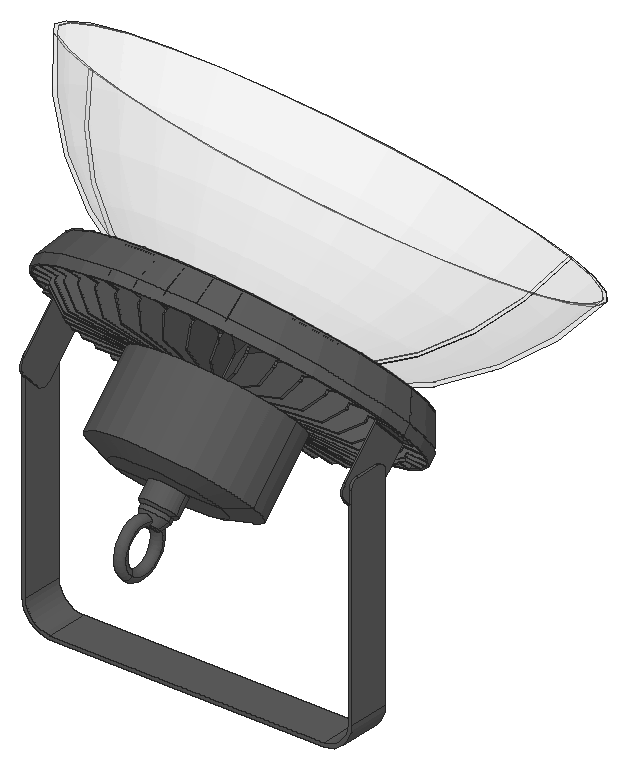
Revit family "0039345+0039354+0039358 Feilo Sylvania Lighting Fixture START HIGHBAY 4K 19KLM MEDIUM with BRACKET and PC LAMPSHADE TRANSPARENT", category Lighting Fixtures, host Face, Revit 2017
Family settings
  Host = Face
  Round Connector Dimension = Use Diameter
  Part Type = Normal
  OmniClass Number = 23.80.70.00
  OmniClass Title = Lighting
  Cut with Voids When Loaded = No
  Light Source = No
  Shared = No
  Room Calculation Point = No
Parameters (values of type "0039345+0039354+0039358 START HIGHBAY 4K 19KLM MEDIUM with BRACKET and PC LAMPSHADE TRANSPARENT ")
  Weight = "3.4 kg"
  Wattage Comments = ""
  WarrantyStartDate [instance] = "n/a"
  WarrantyGuarantorParts = "n/a"
  WarrantyDurationUnit = "n/a"
  WarrantyDurationParts = "n/a"
  WarrantyDescription = "n/a"
  Voltage = 230 V
  URL = "http://www.sylvania-lighting.com"
  TypeName = "START HIGHBAY 4K 19KLM MEDIUM with BRACKET and PC LAMPSHADE TRANSPARENT"
  TypeHead_FEILO = Start LED Highbay Head : 0039345+0039354+0039358 START HIGHBAY 4K 19KLM MEDIUM with BRACKET and PC LAMPSHADE TRANSPARENT 
  Type Image = <None>
  Type Comments = "n/a"
  TiltAngle_FEILO [instance] = 45.00°
  ThicknessBracketPlate_FEILO = 3 mm
  SizeBracketS_FEILO = no
  SizeBracketM_FEILO = yes
  SerialNumber [instance] = "n/a"
  RadiusBracketTop_FEILO = 7 mm
  RadiusBendOut_FEILO = if(SizeBracketS_FEILO, 18 mm, if(SizeBracketM_FEILO, 24 mm, 28 mm))  # 24 mm
  RadiusBendIn_FEILO = RadiusBendOut_FEILO - ThicknessBracketPlate_FEILO  # 21 mm
  Material_3_FEILO = none
  PowerFactor = 0.95
  PowerConsumption = "150 W"
  NominalLength = 296 mm
  NominalHeight = 177 mm
  NominalDepth = 296 mm
  Name = "START HIGHBAY 4K 19KLM MEDIUM with BRACKET and PC LAMPSHADE TRANSPARENT"
  ModelReference = Name  # "START HIGHBAY 4K 19KLM MEDIUM with BRACKET and PC LAMPSHADE TRANSPARENT"
  ModelNumber = "0039345+0039354+0039358"
  Model = Name  # "START HIGHBAY 4K 19KLM MEDIUM with BRACKET and PC LAMPSHADE TRANSPARENT"
  Material = "aluminium alloy housing, polycarbonate diffuser"
  ManufacturerName = "Feilo Sylvania"
  Manufacturer = "Feilo Sylvania"
  LuminousEfficacy = "130 lm/W"
  LuminaireType = ""
  LightOutputRatio = "n/a"
  LampsType = Lamp  # "LED"
  LampNominalLuminous = "19500 lm"
  LampMacAdamStep = "n/a"
  LampColourTemperature = "4000 K"
  LampColourRenderingIndex = "80"
  Lamp = "LED"
  Keynote = "16500"
  InstallationDate [instance] = "n/a"
  InputVoltage = "220-240V~"
  InputNominalFrequency = "50/60 Hz"
  IngressProtection = "IP65"
  ImpactProtectionIndex = "IK08"
  IfcExportType = "IfcLightFixtureType"
  IfcExportAs = "IfcLightFixtureType"
  ExpectedLife = 50000
  EndAngle_FEILO [instance] = TiltAngle_FEILO + 180.00°  # 225.00°
  ElectricShockClassification = "Class I"
  DurationUnit = "hours"
  DocumentationLiterature = "http://www.sylvania-lighting.com/product/en-int/products/0039345"
  DimmingControlOptions = "n/a"
  Material_2_FEILO = none
  Description = "START HIGHBAY, includes 1 m cables, black aluminium housing, 19500LM, 150W, 130lm/W, 4000K, Driver current: 3210mA, CR80, 60° beam angle, 1-10V dimmable,  IP65, IK08, 50,000 hrs (L70B50), (LxWxH) 296x296x177mm"
  Default Elevation = 1219.2 mm
  CreatedOn = "2/28/2018"
  CreatedBy = ""
  Cost = 0
  built-in parameter 1114216 [instance] = (empty or 0)
  ClassificationValue = "EF_70_80"
  ClassificationName = "Uniclass2015"
  Material_1_FEILO = Body-Sylvania-StartHighbay-Black
  BracketHeight_FEILO = if(SizeBracketS_FEILO, 199.5 mm, if(SizeBracketM_FEILO, 209.6 mm, 201.3 mm))  # 209.6 mm
  BracketDistanceInner_FEILO = if(SizeBracketS_FEILO, 249.4 mm, if(SizeBracketM_FEILO, 273.6 mm, 313.2 mm))  # 273.6 mm
  BarCode [instance] = "n/a"
  AssetType = "Fixed"
  AssetIdentifier [instance] = "n/a"
  Assembly Code = "D5020200"
  Apparent Load = 150 VA
  Material_4_FEILO = none
Reference planes
  plane 1 "Center (Front/Back)": y = 0
  plane 2: z = 0
  plane 3 "Center (Left/Right)": x = 0
  plane 4: x = -139.8
  plane 5: x = 139.8
  plane 6: z = 209.6
  plane 7: x = -136.8
  plane 8: z = 3
  plane 9: x = 136.8
  plane 10: y = 17.5
  plane 11: y = -17.5
  plane 12: y = -19.5
  plane 13: z = 211.6
  plane 14: y = 19.5
  plane 15: z = 200.6
Forms (mm)
  Extrusion 1, solid, material "Body-Sylvania-StartHighbay-Black" <- "Material_1_FEILO"
    sketch origin (0, 0, 0) x (1, 0, 0) y (0, 0, 1)
      loop
        line (-139.8, 209.6) -> (-139.8, 24)
        arc (-139.8, 24) -> (-132.771, 7.029) -> (-115.8, 0) r 24
        line (-115.8, 0) -> (115.8, 0)
        arc (115.8, 0) -> (132.771, 7.029) -> (139.8, 24) r 24
        line (139.8, 24) -> (139.8, 209.6) -> (136.8, 209.6) -> (136.8, 24)
        arc (136.8, 24) -> (130.649, 9.151) -> (115.8, 3) r 21
        line (115.8, 3) -> (-115.8, 3)
        arc (-115.8, 3) -> (-130.649, 9.151) -> (-136.8, 24) r 21
        line (-136.8, 24) -> (-136.8, 209.6) -> (-139.8, 209.6)
    from -17.5 to 17.5
  Extrusion 2, void
    sketch origin (0, 0, 0) x (0, 1, 0) y (0, 0, 1)
      loop
        arc (10.5, 209.6) -> (15.45, 207.55) -> (17.5, 202.6) r 7
        line (17.5, 202.6) -> (19.5, 202.6) -> (19.5, 211.6) -> (-19.5, 211.6) -> (-19.5, 202.6) -> (-17.5, 202.6)
        arc (-17.5, 202.6) -> (-15.45, 207.55) -> (-10.5, 209.6) r 7
        line (-10.5, 209.6) -> (10.5, 209.6)
    from -139.8 to 139.8
  Revolve 3, solid, not visible
    sketch origin (1223.4, -4572, 200.6) x (0, -1, 0) y (1, 0, 0)
      loop
        line (-4572, -1223.4) -> (-4591.5, -1223.4) -> (-4591.5, -1277.783) -> (-4572, -1277.783) -> (-4572, -1223.4)
      axis (-4572, -1223.4) -> (-4572, -1277.783)
    angle from 45 <- "TiltAngle_FEILO" to 225 <- "EndAngle_FEILO"
Cuts and joins
  Extrusion 2 cuts Extrusion 1
Dimensions and locks
  "BracketHeight_FEILO": plane 6 to plane 2
  equal spacing: plane 11, plane 1 "Center (Front/Back)", plane 10
  locked: plane 11 to plane 10 at 35
  equal spacing: plane 9, plane 3 "Center (Left/Right)", plane 7
  "BracketDistanceInner_FEILO": plane 9 to plane 7
  "ThicknessBracketPlate_FEILO": plane 7 to plane 4
  "ThicknessBracketPlate_FEILO": plane 8 to plane 2
  equal spacing: plane 5, plane 3 "Center (Left/Right)", plane 4
  equal spacing: plane 12, plane 1 "Center (Front/Back)", plane 14
  locked: plane 6 to plane 13 at 2
  locked: plane 12 to plane 11 at 2
  locked: plane 6 to plane 15 at 9
  "RadiusBendOut_FEILO": radius of Extrusion 1 sketch curve  (x2)
  "RadiusBendIn_FEILO": radius of Extrusion 1 sketch curve  (x2)
  "RadiusBracketTop_FEILO": radius of Extrusion 2 sketch curve  (x2)
  aligned and locked: plane 2 to host face
  aligned and locked: level to host face
  aligned and locked: Extrusion 1 sketch curve to plane 4
  aligned and locked: Extrusion 1 sketch curve to level
  aligned and locked: plane 6 to Extrusion 1 sketch curve
  aligned and locked: Extrusion 1 sketch curve to plane 6
  aligned and locked: Extrusion 1 sketch curve to plane 7
  aligned and locked: plane 9 to Extrusion 1 sketch curve
  aligned and locked: plane 8 to Extrusion 1 sketch curve
  aligned and locked: Extrusion 1 to plane 10
  aligned and locked: plane 11 to Extrusion 1
  aligned and locked: Extrusion 1 to Extrusion 2 sketch curve
  aligned and locked: plane 14 to Extrusion 2 sketch curve  (x2)
  aligned and locked: Extrusion 2 sketch curve to plane 12
  aligned and locked: plane 13 to Extrusion 2 sketch curve
  aligned and locked: plane 5 to Extrusion 2
  aligned and locked: Extrusion 2 to plane 4
  aligned and locked: Revolve 3 sketch curve to plane 1 "Center (Front/Back)"
  aligned and locked: Revolve 3 sketch curve to Revolve 3 sketch curve
  aligned and locked: plane 3 "Center (Left/Right)" to Revolve 3 sketch curve
  aligned and locked: Revolve 3 sketch curve to plane 14
  aligned and locked: nested 1 to plane 3 "Center (Left/Right)"
Automatic sketch dimensions
  host sketch curve to host sketch curve = 2438.4 mm  (x2)
  Revolve 3 sketch curve to Revolve 3 sketch curve = 54.383 mm
  Revolve 3 sketch curve to plane 4 = 1396.3 mm
  plane 5 to Revolve 3 sketch curve = 1396.3 mm
  Extrusion 1 sketch curve to Extrusion 1 sketch curve = 0 mm
  Extrusion 2 sketch curve to plane 11 = 0 mm
  Extrusion 2 sketch curve to plane 10 = 0 mm
Nested families
  nested 1: "Start LED Highbay Head" at (0, 0, 200.6) x (-1, 0, 0) z (0, 0.7071, 0.7071), type <- "TypeHead_FEILO", type "0039345+0039354+0039358 START HIGHBAY 4K 19KLM MEDIUM with BRACKET and PC LAMPSHADE TRANSPARENT "
    with built-in parameter 1114216 (empty or 0)
Connectors
  electrical at (0, 0, 0), driven by "Apparent Load", driven by "PowerFactor", driven by "Voltage"
    settings: index 1, voltage 230 V, apparent load 150 VA, apparent load phase1 0 VA, apparent load phase2 0 VA, apparent load phase3 0 VA, power factor 0.95, load classification "Lighting", number of poles 1, system type 30, power factor state 1, is connector primary yes, connector utility no, sub classification motor no, connector description ""
Definition of nested family "Start LED Highbay Head"
  Parameters (values of type "0039351+0039354+0039358 START HIGHBAY 6K 19KLM WIDE with BRACKET and PC LAMPSHADE TRANSPARENT ")
    X_FEILO = if(SizeS_FEILO, 60.3 mm, if(SizeM_FEILO, 70.4 mm, 83.5 mm))  # 70.4 mm
    WidthStraight_FEILO = if(SizeS_FEILO, 3 mm, if(SizeM_FEILO, 4 mm, 4.7 mm))  # 4 mm
    WidthRingChamfer_FEILO = if(SizeS_FEILO, 10.3 mm, if(SizeM_FEILO, 11.2 mm, 12.9 mm))  # 11.2 mm
    WidthCurved_FEILO = if(SizeS_FEILO, 17.4 mm, if(SizeM_FEILO, 16.4 mm, 26.2 mm))  # 16.4 mm
    WidthCurvedRing_FEILO = if(SizeS_FEILO, 3 mm, if(SizeM_FEILO, 4 mm, 4.7 mm))  # 4 mm
    WidthBracket_FEILO = 40 mm
    Wattage Comments = ""
    Wattage = 150 W
    built-in parameter 1150110 = 1 (stored number, unit not read)
    URL = "http://www.feilosylvania.com"
    Type Image = (empty or 0)
    Type Comments = "n/a"
    built-in parameter 1114217 = 1 (stored number, unit not read)
    Tilt Angle = -90.00°
    ThicknessWall_FEILO = 1.5 mm
    ThicknessBracket_FEILO = 1.5 mm
    ThicknessBracketHalf_FEILO = ThicknessBracket_FEILO / 2  # 0.75 mm
    built-in parameter 1150109 = 1 (stored number, unit not read)
    built-in parameter 1150134 = 1
    built-in parameter 1150113 = 1 (stored number, unit not read)
    SizeS_FEILO = no
    SizeM_FEILO = yes
    ShadeThickness_FEILO = 3 mm
    ShadeSizeSM_FEILO = or(SizeS_FEILO, SizeM_FEILO)  # yes
    ShadeRadiusOut_FEILO = 205 mm
    ShadeRadiusIn_FEILO = if(ShadeSizeSM_FEILO, 95 mm, 121 mm)  # 95 mm
    ShadeRadiusBend_FEILO = if(ShadeSizeSM_FEILO, 210 mm, 210 mm)  # 210 mm
    ShadeOn_FEILO = yes
    ShadeHeight_FEILO = if(ShadeSizeSM_FEILO, 120 mm, 151 mm)  # 120 mm
    Rib4_FEILO = if(SizeS_FEILO, 18.1 mm, if(SizeM_FEILO, 13.6 mm, 14.6 mm))  # 13.6 mm
    Rib3_FEILO = if(SizeS_FEILO, 15.3 mm, if(SizeM_FEILO, 17.6 mm, 20.2 mm))  # 17.6 mm
    Rib2_FEILO = if(SizeS_FEILO, 3.6 mm, if(SizeM_FEILO, 3.9 mm, 4.5 mm))  # 3.9 mm
    Rib1_FEILO = if(SizeS_FEILO, 15.1 mm, if(SizeM_FEILO, 16.5 mm, 19 mm))  # 16.5 mm
    RadiusDiffuser_FEILO = if(SizeS_FEILO, 95.2 mm, if(SizeM_FEILO, 105.3 mm, 120 mm))  # 105.3 mm
    RadiusArrayPost_FEILO = DriverRadius_FEILO - 6 mm  # 61.2 mm
    RHRadius3_FEILO = if(SizeS_FEILO, 6.6 mm, if(SizeM_FEILO, 7.4 mm, 8.6 mm))  # 7.4 mm
    RHRadius2_FEILO = if(SizeS_FEILO, 11 mm, if(SizeM_FEILO, 12 mm, 14 mm))  # 12 mm
    RHRadius1_FEILO = if(SizeS_FEILO, 13.6 mm, if(SizeM_FEILO, 14.9 mm, 17.7 mm))  # 14.9 mm
    RHHeight4_FEILO = if(SizeS_FEILO, 7.3 mm, if(SizeM_FEILO, 8 mm, 9.2 mm))  # 8 mm
    RHHeight3_FEILO = if(SizeS_FEILO, 3.6 mm, if(SizeM_FEILO, 3.7 mm, 4.6 mm))  # 3.7 mm
    RHHeight2_FEILO = if(SizeS_FEILO, 2 mm, if(SizeM_FEILO, 2.2 mm, 2.6 mm))  # 2.2 mm
    RHHeight1_FEILO = if(SizeS_FEILO, 11.8 mm, if(SizeM_FEILO, 15.3 mm, 17.4 mm))  # 15.3 mm
    Photometric Web File = "0039351+0039358.ies"
    Material_5_FEILO = none
    Material_3_FEILO = none
    Model = "START HIGHBAY 6K 19KLM WIDE with BRACKET and PC LAMPSHADE TRANSPARENT"
    Manufacturer = "Feilo Sylvania"
    built-in parameter 1150105 = 10854.2 (stored number, unit not read)
    Lumens = 19500 lm
    built-in parameter 1150115 = 1 (stored number, unit not read)
    built-in parameter 1150137 = (empty or 0)
    built-in parameter 1150139 = (empty or 0)
    built-in parameter 1150112 = 1 (stored number, unit not read)
    built-in parameter 1150114 = 1 (stored number, unit not read)
    Lamp = "LED"
    Keynote = "16500"
    built-in parameter 1150132 = (empty or 0)
    built-in parameter 1150102 = (empty or 0)
    built-in parameter 1150107 = 6500 (stored number, unit not read)
    built-in parameter 1150138 = (empty or 0)
    built-in parameter 1150106 = 108.54 (stored number, unit not read)
    HeightRing_FEILO = if(SizeS_FEILO, 19.8 mm, if(SizeM_FEILO, 32 mm, 36.8 mm))  # 32 mm
    HeightRingChamfer_FEILO = if(SizeS_FEILO, 11.7 mm, if(SizeM_FEILO, 23.2 mm, 26.6 mm))  # 23.2 mm
    EyeThickness_FEILO = if(SizeS_FEILO, 8.4 mm, if(SizeM_FEILO, 9.2 mm, 10.5 mm))  # 9.2 mm
    EyeThicknessHalf_FEILO = EyeThickness_FEILO / 2  # 4.6 mm
    EyeInner_FEILO = if(SizeS_FEILO, 13.8 mm, if(SizeM_FEILO, 15.1 mm, 17.3 mm))  # 15.1 mm
    Emit from Circle Diameter = RadiusDiffuser_FEILO * 2  # 210.6 mm
    Emit Shape Visible in Rendering = no
    built-in parameter 1150104 = 12.077 (stored number, unit not read)
    DriverVerticalStraight_FEILO = if(SizeS_FEILO, 46.5 mm, if(SizeM_FEILO, 49.7 mm, 57 mm))  # 49.7 mm
    DriverVerticalChamfer_FEILO = if(SizeS_FEILO, 7.5 mm, if(SizeM_FEILO, 8.2 mm, 9.5 mm))  # 8.2 mm
    DriverRadius_FEILO = if(SizeS_FEILO, 61.4 mm, if(SizeM_FEILO, 67.2 mm, 76.4 mm))  # 67.2 mm
    DriverRadiusTop_FEILO = if(SizeS_FEILO, 42 mm, if(SizeM_FEILO, 45.3 mm, 52.4 mm))  # 45.3 mm
    DriverBottom_FEILO = if(SizeS_FEILO, 56 mm, if(SizeM_FEILO, 64.5 mm, 74 mm))  # 64.5 mm
    Material_2_FEILO = none
    Radius_FEILO = if(SizeS_FEILO, 135 mm, if(SizeM_FEILO, 148 mm, 169.5 mm))  # 148 mm
    Dimming Lamp Color Temperature Shift = (empty or 0)
    DiameterWire_FEILO = 3 mm
    DiameterWireSupport_FEILO = 10 mm
    Description = "START HIGHBAY, includes 1 m cables, black aluminium housing, 19500LM, 150W, 130lm/W, 6500K, Driver current: 2140mA, CR80, 60° beam angle, 1-10V dimmable,  IP65, IK08, 50,000 hrs (L70B50), (LxWxH) 296x296x177mm"
    Default Elevation = 1219.2 mm
    Cost = 0
    Color Filter = 16777215
    built-in parameter 1114216 [instance] = (empty or 0)
    Material_1_FEILO = none
    built-in parameter 1114218 = 1 (stored number, unit not read)
    built-in parameter 1150133 = 10 (stored number, unit not read)
    Assembly Code = "D5020200"
    Apparent Load = 150 VA
    Material_4_FEILO = none
  Types (36, lengths in mm): name | X_FEILO | WidthStraight_FEILO | WidthRingChamfer_FEILO | WidthCurved_FEILO | WidthCurvedRing_FEILO | Wattage | built-in parameter 1150134 | SizeS_FEILO | SizeM_FEILO | ShadeSizeSM_FEILO | ShadeRadiusIn_FEILO | ShadeOn_FEILO | ShadeHeight_FEILO | Rib4_FEILO | Rib3_FEILO | Rib2_FEILO | Rib1_FEILO | RadiusDiffuser_FEILO | RadiusArrayPost_FEILO | RHRadius3_FEILO | RHRadius2_FEILO | RHRadius1_FEILO | RHHeight4_FEILO | RHHeight3_FEILO | RHHeight2_FEILO | RHHeight1_FEILO | Photometric Web File | Model | built-in parameter 1150105 | Lumens | built-in parameter 1150107 | built-in parameter 1150106 | HeightRing_FEILO | HeightRingChamfer_FEILO | EyeThickness_FEILO | EyeThicknessHalf_FEILO | EyeInner_FEILO | Emit from Circle Diameter | DriverVerticalStraight_FEILO | DriverVerticalChamfer_FEILO | DriverRadius_FEILO | DriverRadiusTop_FEILO | DriverBottom_FEILO | Radius_FEILO | Description | Apparent Load
    0039352+0039355+0039361 START HIGHBAY 6K 26KLM WIDE with BRACKET and PC LAMPSHADE TRANSPARENT | 83.5 | 4.7 | 12.9 | 26.2 | 4.7 | 200 W | 1 | no | no | no | 121 | yes | 151 | 14.6 | 20.2 | 4.5 | 19 | 120 | 70.4 | 8.6 | 14 | 17.7 | 9.2 | 4.6 | 2.6 | 17.4 | "0039352+0039361.ies" | "START HIGHBAY 6K 26KLM WIDE with BRACKET and PC LAMPSHADE TRANSPARENT" | 17911 (stored number, unit not read) | 26000 lm | 6500 (stored number, unit not read) | 179.11 (stored number, unit not read) | 36.8 | 26.6 | 10.5 | 5.25 | 17.3 | 240 | 57 | 9.5 | 76.4 | 52.4 | 74 | 169.5 | "START HIGHBAY, includes 1 m cables, black aluminium housing, 26000LM, 200W, 130lm/W, 6500K, Driver current: 5000mA, CR80, 60° beam angle, 1-10V dimmable,  IP65, IK08, 50,000 hrs (L70B50), (LxWxH) 339x339x194mm" | 200 VA
    0039352+0039355+0039360 START HIGHBAY 6K 26KLM WIDE with BRACKET and ALU SHADE BLACK COLOR | 83.5 | 4.7 | 12.9 | 26.2 | 4.7 | 200 W | 1 | no | no | no | 121 | yes | 151 | 14.6 | 20.2 | 4.5 | 19 | 120 | 70.4 | 8.6 | 14 | 17.7 | 9.2 | 4.6 | 2.6 | 17.4 | "0039352+0039360.ies" | "START HIGHBAY 6K 26KLM WIDE with BRACKET and ALU SHADE BLACK COLOR" | 14870 (stored number, unit not read) | 26000 lm | 6500 (stored number, unit not read) | 148.7 (stored number, unit not read) | 36.8 | 26.6 | 10.5 | 5.25 | 17.3 | 240 | 57 | 9.5 | 76.4 | 52.4 | 74 | 169.5 | "START HIGHBAY, includes 1 m cables, black aluminium housing, 26000LM, 200W, 130lm/W, 6500K, Driver current: 5000mA, CR80, 60° beam angle, 1-10V dimmable,  IP65, IK08, 50,000 hrs (L70B50), (LxWxH) 339x339x194mm" | 200 VA
    0039352+0039355+0039359 START HIGHBAY 6K 26KLM WIDE with BRACKET and ALU SHADE ALU COLOR | 83.5 | 4.7 | 12.9 | 26.2 | 4.7 | 200 W | 1 | no | no | no | 121 | yes | 151 | 14.6 | 20.2 | 4.5 | 19 | 120 | 70.4 | 8.6 | 14 | 17.7 | 9.2 | 4.6 | 2.6 | 17.4 | "0039352+0039359.ies" | "START HIGHBAY 6K 26KLM WIDE with BRACKET and ALU SHADE ALU COLOR" | 14870 (stored number, unit not read) | 26000 lm | 6500 (stored number, unit not read) | 148.7 (stored number, unit not read) | 36.8 | 26.6 | 10.5 | 5.25 | 17.3 | 240 | 57 | 9.5 | 76.4 | 52.4 | 74 | 169.5 | "START HIGHBAY, includes 1 m cables, black aluminium housing, 26000LM, 200W, 130lm/W, 6500K, Driver current: 5000mA, CR80, 60° beam angle, 1-10V dimmable,  IP65, IK08, 50,000 hrs (L70B50), (LxWxH) 339x339x194mm" | 200 VA
    0039352+0039355 START HIGHBAY 6K 26KLM WIDE with BRACKET | 83.5 | 4.7 | 12.9 | 26.2 | 4.7 | 200 W | 1 | no | no | no | 121 | no | 151 | 14.6 | 20.2 | 4.5 | 19 | 120 | 70.4 | 8.6 | 14 | 17.7 | 9.2 | 4.6 | 2.6 | 17.4 | "0039352.ies" | "START HIGHBAY 6K 26KLM WIDE with BRACKET" | 13836.2 (stored number, unit not read) | 26000 lm | 6500 (stored number, unit not read) | 138.36 (stored number, unit not read) | 36.8 | 26.6 | 10.5 | 5.25 | 17.3 | 240 | 57 | 9.5 | 76.4 | 52.4 | 74 | 169.5 | "START HIGHBAY, includes 1 m cables, black aluminium housing, 26000LM, 200W, 130lm/W, 6500K, Driver current: 5000mA, CR80, 60° beam angle, 1-10V dimmable,  IP65, IK08, 50,000 hrs (L70B50), (LxWxH) 339x339x194mm" | 200 VA
    0039351+0039354+0039358 START HIGHBAY 6K 19KLM WIDE with BRACKET and PC LAMPSHADE TRANSPARENT | 70.4 | 4 | 11.2 | 16.4 | 4 | 150 W | 1 | no | yes | yes | 95 | yes | 120 | 13.6 | 17.6 | 3.9 | 16.5 | 105.3 | 61.2 | 7.4 | 12 | 14.9 | 8 | 3.7 | 2.2 | 15.3 | "0039351+0039358.ies" | "START HIGHBAY 6K 19KLM WIDE with BRACKET and PC LAMPSHADE TRANSPARENT" | 10854.2 (stored number, unit not read) | 19500 lm | 6500 (stored number, unit not read) | 108.54 (stored number, unit not read) | 32 | 23.2 | 9.2 | 4.6 | 15.1 | 210.6 | 49.7 | 8.2 | 67.2 | 45.3 | 64.5 | 148 | "START HIGHBAY, includes 1 m cables, black aluminium housing, 19500LM, 150W, 130lm/W, 6500K, Driver current: 2140mA, CR80, 60° beam angle, 1-10V dimmable,  IP65, IK08, 50,000 hrs (L70B50), (LxWxH) 296x296x177mm" | 150 VA
    0039351+0039354+0039357 START HIGHBAY 6K 19KLM WIDE with BRACKET and ALU SHADE BLACK COLOR | 70.4 | 4 | 11.2 | 16.4 | 4 | 150 W | 1 | no | yes | yes | 95 | yes | 120 | 13.6 | 17.6 | 3.9 | 16.5 | 105.3 | 61.2 | 7.4 | 12 | 14.9 | 8 | 3.7 | 2.2 | 15.3 | "0039351+0039357.ies" | "START HIGHBAY 6K 19KLM WIDE with BRACKET and ALU SHADE BLACK COLOR" | 11152.5 (stored number, unit not read) | 19500 lm | 6500 (stored number, unit not read) | 111.52 (stored number, unit not read) | 32 | 23.2 | 9.2 | 4.6 | 15.1 | 210.6 | 49.7 | 8.2 | 67.2 | 45.3 | 64.5 | 148 | "START HIGHBAY, includes 1 m cables, black aluminium housing, 19500LM, 150W, 130lm/W, 6500K, Driver current: 2140mA, CR80, 60° beam angle, 1-10V dimmable,  IP65, IK08, 50,000 hrs (L70B50), (LxWxH) 296x296x177mm" | 150 VA
    0039351+0039354+0039356 START HIGHBAY 6K 19KLM WIDE with BRACKET and ALU SHADE ALU COLOR | 70.4 | 4 | 11.2 | 16.4 | 4 | 150 W | 1 | no | yes | yes | 95 | yes | 120 | 13.6 | 17.6 | 3.9 | 16.5 | 105.3 | 61.2 | 7.4 | 12 | 14.9 | 8 | 3.7 | 2.2 | 15.3 | "0039351+0039356.ies" | "START HIGHBAY 6K 19KLM WIDE with BRACKET and ALU SHADE ALU COLOR" | 11152.5 (stored number, unit not read) | 19500 lm | 6500 (stored number, unit not read) | 111.52 (stored number, unit not read) | 32 | 23.2 | 9.2 | 4.6 | 15.1 | 210.6 | 49.7 | 8.2 | 67.2 | 45.3 | 64.5 | 148 | "START HIGHBAY, includes 1 m cables, black aluminium housing, 19500LM, 150W, 130lm/W, 6500K, Driver current: 2140mA, CR80, 60° beam angle, 1-10V dimmable,  IP65, IK08, 50,000 hrs (L70B50), (LxWxH) 296x296x177mm" | 150 VA
    0039351+0039354 START HIGHBAY 6K 19KLM WIDE with BRACKET | 70.4 | 4 | 11.2 | 16.4 | 4 | 150 W | 1 | no | yes | yes | 95 | no | 120 | 13.6 | 17.6 | 3.9 | 16.5 | 105.3 | 61.2 | 7.4 | 12 | 14.9 | 8 | 3.7 | 2.2 | 15.3 | "0039351.ies" | "START HIGHBAY 6K 19KLM WIDE with BRACKET" | 10377.1 (stored number, unit not read) | 19500 lm | 6500 (stored number, unit not read) | 103.77 (stored number, unit not read) | 32 | 23.2 | 9.2 | 4.6 | 15.1 | 210.6 | 49.7 | 8.2 | 67.2 | 45.3 | 64.5 | 148 | "START HIGHBAY, includes 1 m cables, black aluminium housing, 19500LM, 150W, 130lm/W, 6500K, Driver current: 2140mA, CR80, 60° beam angle, 1-10V dimmable,  IP65, IK08, 50,000 hrs (L70B50), (LxWxH) 296x296x177mm" | 150 VA
    0039350+0039353+0039358 START HIGHBAY 6K 13KLM WIDE with BRACKET and PC LAMPSHADE TRANSPARENT | 60.3 | 3 | 10.3 | 17.4 | 3 | 100 W | 1 | yes | no | yes | 95 | yes | 120 | 18.1 | 15.3 | 3.6 | 15.1 | 95.2 | 55.4 | 6.6 | 11 | 13.6 | 7.3 | 3.6 | 2 | 11.8 | "0039350+0039358.ies" | "START HIGHBAY 6K 13KLM WIDE with BRACKET and PC LAMPSHADE TRANSPARENT" | 7236.1 (stored number, unit not read) | 13000 lm | 6500 (stored number, unit not read) | 72.361 (stored number, unit not read) | 19.8 | 11.7 | 8.4 | 4.2 | 13.8 | 190.4 | 46.5 | 7.5 | 61.4 | 42 | 56 | 135 | "START HIGHBAY, includes 1 m cables, black aluminium housing, 13000LM, 100W, 130lm/W, 6500K, Driver current: 2140mA, CR80, 60° beam angle, 1-10V dimmable,  IP65, IK08, 50,000 hrs (L70B50), (LxWxH) 270x270x170mm" | 100 VA
    0039350+0039353+0039357 START HIGHBAY 6K 13KLM WIDE with BRACKET and ALU SHADE BLACK COLOR | 60.3 | 3 | 10.3 | 17.4 | 3 | 100 W | 1 | yes | no | yes | 95 | yes | 120 | 18.1 | 15.3 | 3.6 | 15.1 | 95.2 | 55.4 | 6.6 | 11 | 13.6 | 7.3 | 3.6 | 2 | 11.8 | "0039350+0039357.ies" | "START HIGHBAY 6K 13KLM WIDE with BRACKET and ALU SHADE BLACK COLOR" | 7435 (stored number, unit not read) | 13000 lm | 6500 (stored number, unit not read) | 74.35 (stored number, unit not read) | 19.8 | 11.7 | 8.4 | 4.2 | 13.8 | 190.4 | 46.5 | 7.5 | 61.4 | 42 | 56 | 135 | "START HIGHBAY, includes 1 m cables, black aluminium housing, 13000LM, 100W, 130lm/W, 6500K, Driver current: 2140mA, CR80, 60° beam angle, 1-10V dimmable,  IP65, IK08, 50,000 hrs (L70B50), (LxWxH) 270x270x170mm" | 100 VA
    0039350+0039353+0039356 START HIGHBAY 6K 13KLM WIDE with BRACKET and ALU SHADE ALU COLOR | 60.3 | 3 | 10.3 | 17.4 | 3 | 100 W | 1 | yes | no | yes | 95 | yes | 120 | 18.1 | 15.3 | 3.6 | 15.1 | 95.2 | 55.4 | 6.6 | 11 | 13.6 | 7.3 | 3.6 | 2 | 11.8 | "0039350+0039356.ies" | "START HIGHBAY 6K 13KLM WIDE with BRACKET and ALU SHADE ALU COLOR" | 7435 (stored number, unit not read) | 13000 lm | 6500 (stored number, unit not read) | 74.35 (stored number, unit not read) | 19.8 | 11.7 | 8.4 | 4.2 | 13.8 | 190.4 | 46.5 | 7.5 | 61.4 | 42 | 56 | 135 | "START HIGHBAY, includes 1 m cables, black aluminium housing, 13000LM, 100W, 130lm/W, 6500K, Driver current: 2140mA, CR80, 60° beam angle, 1-10V dimmable,  IP65, IK08, 50,000 hrs (L70B50), (LxWxH) 270x270x170mm" | 100 VA
    0039350+0039353 START HIGHBAY 6K 13KLM WIDE with BRACKET | 60.3 | 3 | 10.3 | 17.4 | 3 | 100 W | 1 | yes | no | yes | 95 | no | 120 | 18.1 | 15.3 | 3.6 | 15.1 | 95.2 | 55.4 | 6.6 | 11 | 13.6 | 7.3 | 3.6 | 2 | 11.8 | "0039350.ies" | "START HIGHBAY 6K 13KLM WIDE with BRACKET" | 6918.1 (stored number, unit not read) | 13000 lm | 6500 (stored number, unit not read) | 69.181 (stored number, unit not read) | 19.8 | 11.7 | 8.4 | 4.2 | 13.8 | 190.4 | 46.5 | 7.5 | 61.4 | 42 | 56 | 135 | "START HIGHBAY, includes 1 m cables, black aluminium housing, 13000LM, 100W, 130lm/W, 6500K, Driver current: 2140mA, CR80, 60° beam angle, 1-10V dimmable,  IP65, IK08, 50,000 hrs (L70B50), (LxWxH) 270x270x170mm" | 100 VA
    0039349+0039355+0039361 START HIGHBAY 4K 26KLM WIDE with BRACKET and PC LAMPSHADE TRANSPARENT FOR | 83.5 | 4.7 | 12.9 | 26.2 | 4.7 | 200 W | 12 | no | no | no | 121 | yes | 151 | 14.6 | 20.2 | 4.5 | 19 | 120 | 70.4 | 8.6 | 14 | 17.7 | 9.2 | 4.6 | 2.6 | 17.4 | "0039349+0039361.ies" | "START HIGHBAY 4K 26KLM WIDE with BRACKET and PC LAMPSHADE TRANSPARENT FOR" | 17911 (stored number, unit not read) | 26000 lm | 4000 (stored number, unit not read) | 179.11 (stored number, unit not read) | 36.8 | 26.6 | 10.5 | 5.25 | 17.3 | 240 | 57 | 9.5 | 76.4 | 52.4 | 74 | 169.5 | "START HIGHBAY, includes 1 m cables, black aluminium housing, 26000LM, 200W, 130lm/W, 4000K, Driver current: 5000mA, CR80, 90° beam angle, 1-10V dimmable,  IP65, IK08, 50,000 hrs (L70B50), (LxWxH) 339x339x194mm" | 200 VA
    0039349+0039355+0039360 START HIGHBAY 4K 26KLM WIDE with BRACKET and ALU SHADE BLACK COLOR | 83.5 | 4.7 | 12.9 | 26.2 | 4.7 | 200 W | 12 | no | no | no | 121 | yes | 151 | 14.6 | 20.2 | 4.5 | 19 | 120 | 70.4 | 8.6 | 14 | 17.7 | 9.2 | 4.6 | 2.6 | 17.4 | "0039349+0039360.ies" | "START HIGHBAY 4K 26KLM WIDE with BRACKET and ALU SHADE BLACK COLOR" | 14870 (stored number, unit not read) | 26000 lm | 4000 (stored number, unit not read) | 148.7 (stored number, unit not read) | 36.8 | 26.6 | 10.5 | 5.25 | 17.3 | 240 | 57 | 9.5 | 76.4 | 52.4 | 74 | 169.5 | "START HIGHBAY, includes 1 m cables, black aluminium housing, 26000LM, 200W, 130lm/W, 4000K, Driver current: 5000mA, CR80, 90° beam angle, 1-10V dimmable,  IP65, IK08, 50,000 hrs (L70B50), (LxWxH) 339x339x194mm" | 200 VA
    0039349+0039355+0039359 START HIGHBAY 4K 26KLM WIDE with BRACKET and ALU SHADE ALU COLOR | 83.5 | 4.7 | 12.9 | 26.2 | 4.7 | 200 W | 12 | no | no | no | 121 | yes | 151 | 14.6 | 20.2 | 4.5 | 19 | 120 | 70.4 | 8.6 | 14 | 17.7 | 9.2 | 4.6 | 2.6 | 17.4 | "0039349+0039359.ies" | "START HIGHBAY 4K 26KLM WIDE with BRACKET and ALU SHADE ALU COLOR" | 14870 (stored number, unit not read) | 26000 lm | 4000 (stored number, unit not read) | 148.7 (stored number, unit not read) | 36.8 | 26.6 | 10.5 | 5.25 | 17.3 | 240 | 57 | 9.5 | 76.4 | 52.4 | 74 | 169.5 | "START HIGHBAY, includes 1 m cables, black aluminium housing, 26000LM, 200W, 130lm/W, 4000K, Driver current: 5000mA, CR80, 90° beam angle, 1-10V dimmable,  IP65, IK08, 50,000 hrs (L70B50), (LxWxH) 339x339x194mm" | 200 VA
    0039349+0039355 START HIGHBAY 4K 26KLM WIDE with BRACKET | 83.5 | 4.7 | 12.9 | 26.2 | 4.7 | 200 W | 12 | no | no | no | 121 | no | 151 | 14.6 | 20.2 | 4.5 | 19 | 120 | 70.4 | 8.6 | 14 | 17.7 | 9.2 | 4.6 | 2.6 | 17.4 | "0039349.ies" | "START HIGHBAY 4K 26KLM WIDE with BRACKET" | 13836.2 (stored number, unit not read) | 26000 lm | 4000 (stored number, unit not read) | 138.36 (stored number, unit not read) | 36.8 | 26.6 | 10.5 | 5.25 | 17.3 | 240 | 57 | 9.5 | 76.4 | 52.4 | 74 | 169.5 | "START HIGHBAY, includes 1 m cables, black aluminium housing, 26000LM, 200W, 130lm/W, 4000K, Driver current: 5000mA, CR80, 90° beam angle, 1-10V dimmable,  IP65, IK08, 50,000 hrs (L70B50), (LxWxH) 339x339x194mm" | 200 VA
    0039348+0039354+0039358 START HIGHBAY 4K 19KLM WIDE with BRACKET and PC LAMPSHADE TRANSPARENT | 70.4 | 4 | 11.2 | 16.4 | 4 | 150 W | 12 | no | yes | yes | 95 | yes | 120 | 13.6 | 17.6 | 3.9 | 16.5 | 105.3 | 61.2 | 7.4 | 12 | 14.9 | 8 | 3.7 | 2.2 | 15.3 | "0039348+0039358.ies" | "START HIGHBAY 4K 19KLM WIDE with BRACKET and PC LAMPSHADE TRANSPARENT" | 10854.2 (stored number, unit not read) | 19500 lm | 4000 (stored number, unit not read) | 108.54 (stored number, unit not read) | 32 | 23.2 | 9.2 | 4.6 | 15.1 | 210.6 | 49.7 | 8.2 | 67.2 | 45.3 | 64.5 | 148 | "START HIGHBAY, includes 1 m cables, black aluminium housing, 19500LM, 150W, 130lm/W, 4000K, Driver current: 3210mA, CR80, 90° beam angle, 1-10V dimmable,  IP65, IK08, 50,000 hrs (L70B50), (LxWxH) 296x296x177mm" | 150 VA
    0039348+0039354+0039357 START HIGHBAY 4K 19KLM WIDE with BRACKET and ALU SHADE BLACK COLOR | 70.4 | 4 | 11.2 | 16.4 | 4 | 150 W | 12 | no | yes | yes | 95 | yes | 120 | 13.6 | 17.6 | 3.9 | 16.5 | 105.3 | 61.2 | 7.4 | 12 | 14.9 | 8 | 3.7 | 2.2 | 15.3 | "0039348+0039357.ies" | "START HIGHBAY 4K 19KLM WIDE with BRACKET and ALU SHADE BLACK COLOR" | 11152.5 (stored number, unit not read) | 19500 lm | 4000 (stored number, unit not read) | 111.52 (stored number, unit not read) | 32 | 23.2 | 9.2 | 4.6 | 15.1 | 210.6 | 49.7 | 8.2 | 67.2 | 45.3 | 64.5 | 148 | "START HIGHBAY, includes 1 m cables, black aluminium housing, 19500LM, 150W, 130lm/W, 4000K, Driver current: 3210mA, CR80, 90° beam angle, 1-10V dimmable,  IP65, IK08, 50,000 hrs (L70B50), (LxWxH) 296x296x177mm" | 150 VA
    0039348+0039354+0039356 START HIGHBAY 4K 19KLM WIDE with BRACKET and ALU SHADE ALU COLOR | 70.4 | 4 | 11.2 | 16.4 | 4 | 150 W | 12 | no | yes | yes | 95 | yes | 120 | 13.6 | 17.6 | 3.9 | 16.5 | 105.3 | 61.2 | 7.4 | 12 | 14.9 | 8 | 3.7 | 2.2 | 15.3 | "0039348+0039356.ies" | "START HIGHBAY 4K 19KLM WIDE with BRACKET and ALU SHADE ALU COLOR" | 11152.5 (stored number, unit not read) | 19500 lm | 4000 (stored number, unit not read) | 111.52 (stored number, unit not read) | 32 | 23.2 | 9.2 | 4.6 | 15.1 | 210.6 | 49.7 | 8.2 | 67.2 | 45.3 | 64.5 | 148 | "START HIGHBAY, includes 1 m cables, black aluminium housing, 19500LM, 150W, 130lm/W, 4000K, Driver current: 3210mA, CR80, 90° beam angle, 1-10V dimmable,  IP65, IK08, 50,000 hrs (L70B50), (LxWxH) 296x296x177mm" | 150 VA
    0039348+0039354 START HIGHBAY 4K 19KLM WIDE with BRACKET | 70.4 | 4 | 11.2 | 16.4 | 4 | 150 W | 12 | no | yes | yes | 95 | no | 120 | 13.6 | 17.6 | 3.9 | 16.5 | 105.3 | 61.2 | 7.4 | 12 | 14.9 | 8 | 3.7 | 2.2 | 15.3 | "0039348.ies" | "START HIGHBAY 4K 19KLM WIDE with BRACKET" | 10377.1 (stored number, unit not read) | 19500 lm | 4000 (stored number, unit not read) | 103.77 (stored number, unit not read) | 32 | 23.2 | 9.2 | 4.6 | 15.1 | 210.6 | 49.7 | 8.2 | 67.2 | 45.3 | 64.5 | 148 | "START HIGHBAY, includes 1 m cables, black aluminium housing, 19500LM, 150W, 130lm/W, 4000K, Driver current: 3210mA, CR80, 90° beam angle, 1-10V dimmable,  IP65, IK08, 50,000 hrs (L70B50), (LxWxH) 296x296x177mm" | 150 VA
    0039347+0039353+0039358 START HIGHBAY 4K 13KLM WIDE with BRACKET and PC LAMPSHADE TRANSPARENT | 60.3 | 3 | 10.3 | 17.4 | 3 | 100 W | 12 | yes | no | yes | 95 | yes | 120 | 18.1 | 15.3 | 3.6 | 15.1 | 95.2 | 55.4 | 6.6 | 11 | 13.6 | 7.3 | 3.6 | 2 | 11.8 | "0039347+0039358.ies" | "START HIGHBAY 4K 13KLM WIDE with BRACKET and PC LAMPSHADE TRANSPARENT" | 7236.1 (stored number, unit not read) | 13000 lm | 4000 (stored number, unit not read) | 72.361 (stored number, unit not read) | 19.8 | 11.7 | 8.4 | 4.2 | 13.8 | 190.4 | 46.5 | 7.5 | 61.4 | 42 | 56 | 135 | "START HIGHBAY, includes 1 m cables, black aluminium housing, 13000LM, 100W, 130lm/W, 4000K, Driver current: 2140mA, CR80, 90° beam angle, 1-10V dimmable,  IP65, IK08, 50,000 hrs (L70B50), (LxWxH) 270x270x170mm" | 100 VA
    0039347+0039353+0039357 START HIGHBAY 4K 13KLM WIDE with BRACKET and ALU SHADE BLACK COLOR | 60.3 | 3 | 10.3 | 17.4 | 3 | 100 W | 12 | yes | no | yes | 95 | yes | 120 | 18.1 | 15.3 | 3.6 | 15.1 | 95.2 | 55.4 | 6.6 | 11 | 13.6 | 7.3 | 3.6 | 2 | 11.8 | "0039347+0039357.ies" | "START HIGHBAY 4K 13KLM WIDE with BRACKET and ALU SHADE BLACK COLOR" | 7435 (stored number, unit not read) | 13000 lm | 4000 (stored number, unit not read) | 74.35 (stored number, unit not read) | 19.8 | 11.7 | 8.4 | 4.2 | 13.8 | 190.4 | 46.5 | 7.5 | 61.4 | 42 | 56 | 135 | "START HIGHBAY, includes 1 m cables, black aluminium housing, 13000LM, 100W, 130lm/W, 4000K, Driver current: 2140mA, CR80, 90° beam angle, 1-10V dimmable,  IP65, IK08, 50,000 hrs (L70B50), (LxWxH) 270x270x170mm" | 100 VA
    0039347+0039353+0039356 START HIGHBAY 4K 13KLM WIDE with BRACKET and ALU SHADE ALU COLOR | 60.3 | 3 | 10.3 | 17.4 | 3 | 100 W | 12 | yes | no | yes | 95 | yes | 120 | 18.1 | 15.3 | 3.6 | 15.1 | 95.2 | 55.4 | 6.6 | 11 | 13.6 | 7.3 | 3.6 | 2 | 11.8 | "0039347+0039356.ies" | "START HIGHBAY 4K 13KLM WIDE with BRACKET and ALU SHADE ALU COLOR" | 7435 (stored number, unit not read) | 13000 lm | 4000 (stored number, unit not read) | 74.35 (stored number, unit not read) | 19.8 | 11.7 | 8.4 | 4.2 | 13.8 | 190.4 | 46.5 | 7.5 | 61.4 | 42 | 56 | 135 | "START HIGHBAY, includes 1 m cables, black aluminium housing, 13000LM, 100W, 130lm/W, 4000K, Driver current: 2140mA, CR80, 90° beam angle, 1-10V dimmable,  IP65, IK08, 50,000 hrs (L70B50), (LxWxH) 270x270x170mm" | 100 VA
    0039347+0039353 START HIGHBAY 4K 13KLM WIDE with BRACKET | 60.3 | 3 | 10.3 | 17.4 | 3 | 100 W | 12 | yes | no | yes | 95 | no | 120 | 18.1 | 15.3 | 3.6 | 15.1 | 95.2 | 55.4 | 6.6 | 11 | 13.6 | 7.3 | 3.6 | 2 | 11.8 | "0039347.ies" | "START HIGHBAY 4K 13KLM WIDE with BRACKET" | 6918.1 (stored number, unit not read) | 13000 lm | 4000 (stored number, unit not read) | 69.181 (stored number, unit not read) | 19.8 | 11.7 | 8.4 | 4.2 | 13.8 | 190.4 | 46.5 | 7.5 | 61.4 | 42 | 56 | 135 | "START HIGHBAY, includes 1 m cables, black aluminium housing, 13000LM, 100W, 130lm/W, 4000K, Driver current: 2140mA, CR80, 90° beam angle, 1-10V dimmable,  IP65, IK08, 50,000 hrs (L70B50), (LxWxH) 270x270x170mm" | 100 VA
    0039346+0039355+0039361 START HIGHBAY 4K 26KLM MEDIUM with BRACKET and PC LAMPSHADE TRANSPARENT | 83.5 | 4.7 | 12.9 | 26.2 | 4.7 | 200 W | 12 | no | no | no | 121 | yes | 151 | 14.6 | 20.2 | 4.5 | 19 | 120 | 70.4 | 8.6 | 14 | 17.7 | 9.2 | 4.6 | 2.6 | 17.4 | "0039346+0039361.ies" | "START HIGHBAY 4K 26KLM MEDIUM with BRACKET and PC LAMPSHADE TRANSPARENT" | 35142.4 (stored number, unit not read) | 26000 lm | 4000 (stored number, unit not read) | 351.42 (stored number, unit not read) | 36.8 | 26.6 | 10.5 | 5.25 | 17.3 | 240 | 57 | 9.5 | 76.4 | 52.4 | 74 | 169.5 | "START HIGHBAY, includes 1 m cables, black aluminium housing, 26000LM, 200W, 130lm/W, 4000K, Driver current: 5000mA, CR80, 60° beam angle, 1-10V dimmable,  IP65, IK08, 50,000 hrs (L70B50), (LxWxH) 339x339x194mm" | 200 VA
    0039346+0039355+0039360 START HIGHBAY 4K 26KLM MEDIUM with BRACKET and ALU SHADE BLACK COLOR | 83.5 | 4.7 | 12.9 | 26.2 | 4.7 | 200 W | 12 | no | no | no | 121 | yes | 151 | 14.6 | 20.2 | 4.5 | 19 | 120 | 70.4 | 8.6 | 14 | 17.7 | 9.2 | 4.6 | 2.6 | 17.4 | "0039346+0039360.ies" | "START HIGHBAY 4K 26KLM MEDIUM with BRACKET and ALU SHADE BLACK COLOR" | 35336 (stored number, unit not read) | 26000 lm | 4000 (stored number, unit not read) | 353.36 (stored number, unit not read) | 36.8 | 26.6 | 10.5 | 5.25 | 17.3 | 240 | 57 | 9.5 | 76.4 | 52.4 | 74 | 169.5 | "START HIGHBAY, includes 1 m cables, black aluminium housing, 26000LM, 200W, 130lm/W, 4000K, Driver current: 5000mA, CR80, 60° beam angle, 1-10V dimmable,  IP65, IK08, 50,000 hrs (L70B50), (LxWxH) 339x339x194mm" | 200 VA
    0039346+0039355+0039359 START HIGHBAY 4K 26KLM MEDIUM with BRACKET and ALU SHADE ALU COLOR | 83.5 | 4.7 | 12.9 | 26.2 | 4.7 | 200 W | 12 | no | no | no | 121 | yes | 151 | 14.6 | 20.2 | 4.5 | 19 | 120 | 70.4 | 8.6 | 14 | 17.7 | 9.2 | 4.6 | 2.6 | 17.4 | "0039346+0039359.ies" | "START HIGHBAY 4K 26KLM MEDIUM with BRACKET and ALU SHADE ALU COLOR" | 35336 (stored number, unit not read) | 26000 lm | 4000 (stored number, unit not read) | 353.36 (stored number, unit not read) | 36.8 | 26.6 | 10.5 | 5.25 | 17.3 | 240 | 57 | 9.5 | 76.4 | 52.4 | 74 | 169.5 | "START HIGHBAY, includes 1 m cables, black aluminium housing, 26000LM, 200W, 130lm/W, 4000K, Driver current: 5000mA, CR80, 60° beam angle, 1-10V dimmable,  IP65, IK08, 50,000 hrs (L70B50), (LxWxH) 339x339x194mm" | 200 VA
    0039346+0039355 START HIGHBAY 4K 26KLM MEDIUM with BRACKET | 83.5 | 4.7 | 12.9 | 26.2 | 4.7 | 200 W | 12 | no | no | no | 121 | no | 151 | 14.6 | 20.2 | 4.5 | 19 | 120 | 70.4 | 8.6 | 14 | 17.7 | 9.2 | 4.6 | 2.6 | 17.4 | "0039346.ies" | "START HIGHBAY 4K 26KLM MEDIUM with BRACKET" | 32161 (stored number, unit not read) | 26000 lm | 4000 (stored number, unit not read) | 321.61 (stored number, unit not read) | 36.8 | 26.6 | 10.5 | 5.25 | 17.3 | 240 | 57 | 9.5 | 76.4 | 52.4 | 74 | 169.5 | "START HIGHBAY, includes 1 m cables, black aluminium housing, 26000LM, 200W, 130lm/W, 4000K, Driver current: 5000mA, CR80, 60° beam angle, 1-10V dimmable,  IP65, IK08, 50,000 hrs (L70B50), (LxWxH) 339x339x194mm" | 200 VA
    0039345+0039354+0039358 START HIGHBAY 4K 19KLM MEDIUM with BRACKET and PC LAMPSHADE TRANSPARENT | 70.4 | 4 | 11.2 | 16.4 | 4 | 150 W | 12 | no | yes | yes | 95 | yes | 120 | 13.6 | 17.6 | 3.9 | 16.5 | 105.3 | 61.2 | 7.4 | 12 | 14.9 | 8 | 3.7 | 2.2 | 15.3 | "0039345+0039358.ies" | "START HIGHBAY 4K 19KLM MEDIUM with BRACKET and PC LAMPSHADE TRANSPARENT" | 24535.9 (stored number, unit not read) | 19500 lm | 4000 (stored number, unit not read) | 245.36 (stored number, unit not read) | 32 | 23.2 | 9.2 | 4.6 | 15.1 | 210.6 | 49.7 | 8.2 | 67.2 | 45.3 | 64.5 | 148 | "START HIGHBAY, includes 1 m cables, black aluminium housing, 19500LM, 150W, 130lm/W, 4000K, Driver current: 3210mA, CR80, 60° beam angle, 1-10V dimmable,  IP65, IK08, 50,000 hrs (L70B50), (LxWxH) 296x296x177mm" | 150 VA
    0039345+0039354+0039357 START HIGHBAY 4K 19KLM MEDIUM with BRACKET and ALU SHADE BLACK COLOR | 70.4 | 4 | 11.2 | 16.4 | 4 | 150 W | 12 | no | yes | yes | 95 | yes | 120 | 13.6 | 17.6 | 3.9 | 16.5 | 105.3 | 61.2 | 7.4 | 12 | 14.9 | 8 | 3.7 | 2.2 | 15.3 | "0039345+0039357.ies" | "START HIGHBAY 4K 19KLM MEDIUM with BRACKET and ALU SHADE BLACK COLOR" | 26502 (stored number, unit not read) | 19500 lm | 4000 (stored number, unit not read) | 265.02 (stored number, unit not read) | 32 | 23.2 | 9.2 | 4.6 | 15.1 | 210.6 | 49.7 | 8.2 | 67.2 | 45.3 | 64.5 | 148 | "START HIGHBAY, includes 1 m cables, black aluminium housing, 19500LM, 150W, 130lm/W, 4000K, Driver current: 3210mA, CR80, 60° beam angle, 1-10V dimmable,  IP65, IK08, 50,000 hrs (L70B50), (LxWxH) 296x296x177mm" | 150 VA
    0039345+0039354+0039356 START HIGHBAY 4K 19KLM MEDIUM with BRACKET and ALU SHADE ALU COLOR | 70.4 | 4 | 11.2 | 16.4 | 4 | 150 W | 12 | no | yes | yes | 95 | yes | 120 | 13.6 | 17.6 | 3.9 | 16.5 | 105.3 | 61.2 | 7.4 | 12 | 14.9 | 8 | 3.7 | 2.2 | 15.3 | "0039345+0039356.ies" | "START HIGHBAY 4K 19KLM MEDIUM with BRACKET and ALU SHADE ALU COLOR" | 26502 (stored number, unit not read) | 19500 lm | 4000 (stored number, unit not read) | 265.02 (stored number, unit not read) | 32 | 23.2 | 9.2 | 4.6 | 15.1 | 210.6 | 49.7 | 8.2 | 67.2 | 45.3 | 64.5 | 148 | "START HIGHBAY, includes 1 m cables, black aluminium housing, 19500LM, 150W, 130lm/W, 4000K, Driver current: 3210mA, CR80, 60° beam angle, 1-10V dimmable,  IP65, IK08, 50,000 hrs (L70B50), (LxWxH) 296x296x177mm" | 150 VA
    0039345+0039354 START HIGHBAY 4K 19KLM MEDIUM with BRACKET | 70.4 | 4 | 11.2 | 16.4 | 4 | 150 W | 12 | no | yes | yes | 95 | no | 120 | 13.6 | 17.6 | 3.9 | 16.5 | 105.3 | 61.2 | 7.4 | 12 | 14.9 | 8 | 3.7 | 2.2 | 15.3 | "0039345.ies" | "START HIGHBAY 4K 19KLM MEDIUM with BRACKET" | 24120.8 (stored number, unit not read) | 19500 lm | 4000 (stored number, unit not read) | 241.21 (stored number, unit not read) | 32 | 23.2 | 9.2 | 4.6 | 15.1 | 210.6 | 49.7 | 8.2 | 67.2 | 45.3 | 64.5 | 148 | "START HIGHBAY, includes 1 m cables, black aluminium housing, 19500LM, 150W, 130lm/W, 4000K, Driver current: 3210mA, CR80, 60° beam angle, 1-10V dimmable,  IP65, IK08, 50,000 hrs (L70B50), (LxWxH) 296x296x177mm" | 150 VA
    0039344+0039353+0039358 START HIGHBAY 4K 13KLM MEDIUM with BRACKET and PC LAMPSHADE TRANSPARENT | 60.3 | 3 | 10.3 | 17.4 | 3 | 100 W | 12 | yes | no | yes | 95 | yes | 120 | 18.1 | 15.3 | 3.6 | 15.1 | 95.2 | 55.4 | 6.6 | 11 | 13.6 | 7.3 | 3.6 | 2 | 11.8 | "0039344+0039358.ies" | "START HIGHBAY 4K 13KLM MEDIUM with BRACKET and PC LAMPSHADE TRANSPARENT" | 17571.2 (stored number, unit not read) | 13000 lm | 4000 (stored number, unit not read) | 175.71 (stored number, unit not read) | 19.8 | 11.7 | 8.4 | 4.2 | 13.8 | 190.4 | 46.5 | 7.5 | 61.4 | 42 | 56 | 135 | "START HIGHBAY, includes 1 m cables, black aluminium housing, 13000LM, 100W, 130lm/W, 4000K, Driver current: 2140mA, CR80, 60° beam angle, 1-10V dimmable,  IP65, IK08, 50,000 hrs (L70B50), (LxWxH) 270x270x170mm" | 100 VA
    0039344+0039353+0039357 START HIGHBAY 4K 13KLM MEDIUM with BRACKET and ALU SHADE BLACK COLOR | 60.3 | 3 | 10.3 | 17.4 | 3 | 100 W | 12 | yes | no | yes | 95 | yes | 120 | 18.1 | 15.3 | 3.6 | 15.1 | 95.2 | 55.4 | 6.6 | 11 | 13.6 | 7.3 | 3.6 | 2 | 11.8 | "0039344+0039357.ies" | "START HIGHBAY 4K 13KLM MEDIUM with BRACKET and ALU SHADE BLACK COLOR" | 17668 (stored number, unit not read) | 13000 lm | 4000 (stored number, unit not read) | 176.68 (stored number, unit not read) | 19.8 | 11.7 | 8.4 | 4.2 | 13.8 | 190.4 | 46.5 | 7.5 | 61.4 | 42 | 56 | 135 | "START HIGHBAY, includes 1 m cables, black aluminium housing, 13000LM, 100W, 130lm/W, 4000K, Driver current: 2140mA, CR80, 60° beam angle, 1-10V dimmable,  IP65, IK08, 50,000 hrs (L70B50), (LxWxH) 270x270x170mm" | 100 VA
    0039344+0039353+0039356 START HIGHBAY 4K 13KLM MEDIUM with BRACKET and ALU SHADE ALU COLOR | 60.3 | 3 | 10.3 | 17.4 | 3 | 100 W | 12 | yes | no | yes | 95 | yes | 120 | 18.1 | 15.3 | 3.6 | 15.1 | 95.2 | 55.4 | 6.6 | 11 | 13.6 | 7.3 | 3.6 | 2 | 11.8 | "0039344+0039356.ies" | "START HIGHBAY 4K 13KLM MEDIUM with BRACKET and ALU SHADE ALU COLOR" | 17668 (stored number, unit not read) | 13000 lm | 4000 (stored number, unit not read) | 176.68 (stored number, unit not read) | 19.8 | 11.7 | 8.4 | 4.2 | 13.8 | 190.4 | 46.5 | 7.5 | 61.4 | 42 | 56 | 135 | "START HIGHBAY, includes 1 m cables, black aluminium housing, 13000LM, 100W, 130lm/W, 4000K, Driver current: 2140mA, CR80, 60° beam angle, 1-10V dimmable,  IP65, IK08, 50,000 hrs (L70B50), (LxWxH) 270x270x170mm" | 100 VA
    0039344+0039353 START HIGHBAY 4K 13KLM MEDIUM with BRACKET | 60.3 | 3 | 10.3 | 17.4 | 3 | 100 W | 12 | yes | no | yes | 95 | no | 120 | 18.1 | 15.3 | 3.6 | 15.1 | 95.2 | 55.4 | 6.6 | 11 | 13.6 | 7.3 | 3.6 | 2 | 11.8 | "0039344.ies" | "START HIGHBAY 4K 13KLM MEDIUM with BRACKET" | 16080.5 (stored number, unit not read) | 13000 lm | 4000 (stored number, unit not read) | 160.81 (stored number, unit not read) | 19.8 | 11.7 | 8.4 | 4.2 | 13.8 | 190.4 | 46.5 | 7.5 | 61.4 | 42 | 56 | 135 | "START HIGHBAY, includes 1 m cables, black aluminium housing, 13000LM, 100W, 130lm/W, 4000K, Driver current: 2140mA, CR80, 60° beam angle, 1-10V dimmable,  IP65, IK08, 50,000 hrs (L70B50), (LxWxH) 270x270x170mm" | 100 VA
  Reference planes
    plane 1 "Center (Front/Back)": y = 0
    plane 2: z = 0
    plane 3 "Center (Left/Right)": x = 0
    plane 4: z = 70.4
    plane 5: x = -148
    plane 6: x = -136.8
    plane 7: z = 47.2
    plane 8: z = 38.4
    plane 9: x = -132.8
    plane 10: z = 67.775
    plane 11: x = -116.4
    plane 12: x = -105.3
    plane 13: x = -128.8
    plane 14: z = 68.775
    plane 15: z = 66.775
    plane 16: x = -102.3
    plane 17: z = 65.775
    plane 18: x = -146.5
    plane 19: x = -131.5
    plane 20: z = 34.5
    plane 21: x = -113.9
    plane 22: z = 20.9
    plane 23: x = -20
    plane 24: z = 5.9
    plane 25: x = -67.2
    plane 26: z = -43.8
    plane 27: x = -45.3
    plane 28: z = -52
    plane 29: x = -14.9
    plane 30: z = -67.3
    plane 31: z = -69.5
    plane 32: x = -12
    plane 33: z = -73.2
    plane 34: z = -81.2
    plane 35: x = -7.4
    plane 36: z = -96.3
    plane 37: z = -111.4
    plane 38: x = 4.6
    plane 39: x = -4.6
    plane 40: z = -120.6
    plane 41: z = -116
    plane 42: x = -141.65
    plane 43: x = -145.5
    plane 44: z = 36.9
    plane 45: x = -135.3
    plane 46: z = -18.95
    plane 47: y = -20
    plane 48: y = 20
    plane 49: x = 148
    plane 50: x = 136.8
    plane 51: x = 146.5
    plane 52: x = 141.65
    plane 53: x = 145.5
    plane 54: x = 135.3
    plane 55: x = -205
    plane 56: z = 190.4
    plane 57: x = -95
    plane 58: x = -87
    plane 59: x = -202
    plane 60: z = 73.4
  Forms (mm)
    Extrusion 1, solid
      sketch origin (4.2, 0, 0) x (1, 0, 0) y (0, 1, 0)
        loop
          line (-1219.2, 1219.2) -> (-1219.2, -1219.2) -> (1219.2, -1219.2) -> (1219.2, 1219.2) -> (-1219.2, 1219.2)
      from 0 to -68.017
    Revolve 2, solid, material <- "Material_1_FEILO", detail levels medium+fine
      sketch origin (0, 0, 0) x (1, 0, 0) y (0, 0, 1)
        loop
          line (-148, 38.4) -> (-146.5, 38.4) -> (-146.5, 46.857) -> (-136.402, 67.775) -> (-128.8, 67.775) -> (-128.8, 69.259)
          arc (-128.8, 69.259) -> (-130.811, 69.79) -> (-132.8, 70.4) r 52.543
          line (-132.8, 70.4) -> (-136.341, 70.4)
          arc (-136.341, 70.4) -> (-136.831, 70.225) -> (-137.099, 69.78) r 0.774
          line (-137.099, 69.78) -> (-148, 47.2) -> (-148, 38.4)
        axis (0, 70.4) -> (0, 38.4)
      angle from 360 to 0
    Revolve 3, solid, material <- "Material_1_FEILO", detail levels medium+fine
      sketch origin (0, 0, 0) x (1, 0, 0) y (0, 0, 1)
        loop
          line (-116.4, 65.775) -> (-105.3, 65.775) -> (-105.3, 47.2) -> (0, 47.2) -> (0, 65.775) -> (-102.3, 65.775) -> (-102.3, 66.775) -> (-105.3, 66.775) -> (-105.3, 67.775) -> (-116.4, 67.775) -> (-116.4, 65.775)
        axis (0, 67.775) -> (0, 47.2)
      angle from 360 to 0
    Revolve 4, solid, material <- "Material_2_FEILO", detail levels medium+fine
      sketch origin (0, 0, 0) x (1, 0, 0) y (0, 0, 1)
        loop
          line (-105.3, 66.775) -> (0, 66.775) -> (0, 68.775) -> (-105.3, 68.775) -> (-105.3, 66.775)
        axis (0, 68.775) -> (0, 66.775)
      angle from 360 to 0
    Revolve 5, solid, material <- "Material_1_FEILO"
      sketch origin (0, 0, 0) x (1, 0, 0) y (0, 0, 1)
        loop
          line (-67.2, 20.9) -> (-67.2, -43.8) -> (-45.3, -52) -> (-14.9, -52) -> (-14.9, -67.3) -> (-12, -69.5) -> (-12, -73.2) -> (-7.837, -80.474)
          arc (-7.837, -80.474) -> (-7.29, -81.006) -> (-6.553, -81.2) r 1.5
          line (-6.553, -81.2) -> (0, -81.2) -> (0, 20.9) -> (-67.2, 20.9)
        axis (0, 20.9) -> (0, -81.2)
      angle from 360 to 0
    Revolve 6, solid, material <- "Material_1_FEILO"
      sketch origin (0, 0, 0) x (1, 0, 0) y (0, 0, 1)
        loop
          circle (0, -116) r 4.6
        axis (4.6, -96.3) -> (-4.6, -96.3)
      angle from 360 to 0
    Extrusion 7, solid, material <- "Material_1_FEILO"
      sketch origin (0, 0, 0) x (1, 0, 0) y (0, 0, 1)
        loop
          line (-145.5, 38.4) -> (-145.5, 36.9) -> (-137.55, 36.9)
          arc (-137.55, 36.9) -> (-137.02, 36.68) -> (-136.8, 36.15) r 0.75
          line (-136.8, 36.15) -> (-136.8, -18.95) -> (-135.3, -18.95) -> (-135.3, 36.9)
          arc (-135.3, 36.9) -> (-135.739, 37.961) -> (-136.8, 38.4) r 1.5
          line (-136.8, 38.4) -> (-145.5, 38.4)
        loop
          line (145.5, 38.4) -> (136.8, 38.4)
          arc (136.8, 38.4) -> (135.739, 37.961) -> (135.3, 36.9) r 1.5
          line (135.3, 36.9) -> (135.3, -18.95) -> (136.8, -18.95) -> (136.8, 36.15)
          arc (136.8, 36.15) -> (137.02, 36.68) -> (137.55, 36.9) r 0.75
          line (137.55, 36.9) -> (145.5, 36.9) -> (145.5, 38.4)
      from -20 to 20
    Extrusion 8, void
      sketch origin (0, 0, 0) x (0, 1, 0) y (0, 0, 1)
        loop
          arc (-10, -18.95) -> (-17.071, -16.021) -> (-20, -8.95) r 10
          line (-20, -8.95) -> (-25, -8.95) -> (-25, -23.95) -> (-10, -23.95) -> (-10, -18.95)
        loop
          line (10, -18.95) -> (10, -23.95) -> (25, -23.95) -> (25, -8.95) -> (20, -8.95)
          arc (20, -8.95) -> (17.071, -16.021) -> (10, -18.95) r 10
      from -136.8 to 136.8
    Revolve 9, solid, material <- "Material_1_FEILO", detail levels coarse
      sketch origin (0, 0, 0) x (1, 0, 0) y (0, 0, 1)
        loop
          line (0, 70.4) -> (-136.8, 70.4) -> (-148, 47.2) -> (-148, 38.4) -> (-131.5, 38.4) -> (-131.5, 34.5) -> (-113.9, 20.9) -> (0, 20.9) -> (0, 70.4)
        axis (0, 70.4) -> (0, 20.9)
      angle from 360 to 0
    Revolve 10, solid, material <- "Material_4_FEILO", visible <- "ShadeOn_FEILO"
      sketch origin (0, 0, 0) x (1, 0, 0) y (0, 0, 1)
        loop
          line (-95, 70.4) -> (-87, 70.4) -> (-87, 73.4) -> (-94.341, 73.4)
          arc (-94.341, 73.4) -> (-159.747, 121.18) -> (-201.81, 190.4) r 207
          line (-201.81, 190.4) -> (-205, 190.4)
          arc (-205, 190.4) -> (-162.101, 119.308) -> (-95, 70.4) r 210
        axis (0, 190.4) -> (0, 70.4)
      angle from 360 to 0
  Cuts and joins
    Extrusion 8 cuts Extrusion 7
  Lines and regions (mm)
    reference lines
      curve 1: line (-148, 0, 47.2) -> (-136.8, 0, 70.4)
      curve 2: line (-116.4, 0, 67.775) -> (0, 0, 67.775)
      curve 3: arc (-116.4, 0, 67.775) -> (-124.704, 0, 68.435) -> (-132.8, 0, 70.4) r 52.543
      curve 4: line (-136.8, 0, 70.4) -> (-132.8, 0, 70.4)
      curve 5: line (-136.402, 0, 67.775) -> (-146.5, 0, 46.857)
      curve 6: line (-131.5, 0, 34.5) -> (-113.9, 0, 20.9)
      curve 7: line (-12, 0, -73.2) -> (-7.4, 0, -81.2)
      curve 8: circle (0, 0, -116) r 4.6 normal (0, -1, 0)
      curve 9: arc (-95, 0, 70.4) -> (-162.101, 0, 119.308) -> (-205, 0, 190.4) r 210
  Dimensions and locks
    "Radius_FEILO": plane 3 "Center (Left/Right)" to plane 5
    "WidthRingChamfer_FEILO": plane 6 to plane 5
    "WidthStraight_FEILO": plane 9 to plane 6
    "WidthCurvedRing_FEILO": plane 13 to plane 9
    locked: plane 10 to plane 15 at 1
    locked: plane 14 to plane 10 at 1
    locked: plane 4 to plane 10 at 2.625
    locked: plane 15 to plane 17 at 1
    "ThicknessWall_FEILO": plane 18 to plane 5
    "ThicknessWall_FEILO": curve 5 to curve 1
    "HeightRingChamfer_FEILO": plane 4 to plane 7
    "HeightRing_FEILO": plane 4 to plane 8
    "RadiusDiffuser_FEILO": plane 3 "Center (Left/Right)" to plane 12
    locked: plane 16 to plane 12 at 3
    "WidthCurved_FEILO": plane 11 to plane 9
    "X_FEILO": plane 4 to plane 2
    "Rib1_FEILO": plane 19 to plane 5
    "Rib2_FEILO": plane 8 to plane 20
    "Rib3_FEILO": plane 21 to plane 19
    "Rib4_FEILO": plane 20 to plane 22
    locked: plane 3 "Center (Left/Right)" to plane 23 at 20
    "DriverBottom_FEILO": plane 4 to plane 24
    "DriverRadius_FEILO": plane 3 "Center (Left/Right)" to plane 25
    "DriverVerticalStraight_FEILO": plane 24 to plane 26
    "DriverRadiusTop_FEILO": plane 3 "Center (Left/Right)" to plane 27
    "DriverVerticalChamfer_FEILO": plane 26 to plane 28
    "RHRadius1_FEILO": plane 3 "Center (Left/Right)" to plane 29
    "RHHeight2_FEILO": plane 30 to plane 31
